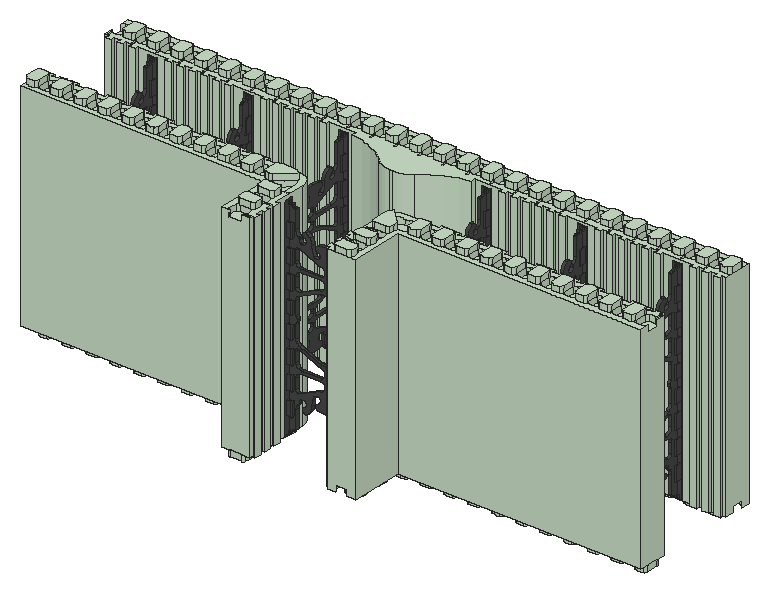
Revit family (continued)
Definition of nested family "NUDURA Diamond Pattern"
  Lines and regions (in)
    model lines
      curve 44: line (3.44206, -5.625, 14.07322) -> (3.81706, -5.625, 13.69822)
      curve 45: arc (3.81706, -5.625, 13.69822) -> (3.99384, -5.625, 13.625) -> (4.17062, -5.625, 13.69822) r 0.25
      curve 46: line (4.17062, -5.625, 13.69822) -> (4.54562, -5.625, 14.07322)
      curve 47: arc (4.54562, -5.625, 14.07322) -> (4.61884, -5.625, 14.25) -> (4.54562, -5.625, 14.42678) r 0.25
      curve 48: line (4.54562, -5.625, 14.42678) -> (4.17062, -5.625, 14.80178)
      curve 49: arc (3.69709, -5.625, 13.35858) -> (3.75567, -5.625, 13.5) -> (3.69709, -5.625, 13.64142) r 0.2
      curve 50: line (4.634, -5.625, 13.01517) -> (4.29059, -5.625, 13.35858)
      curve 51: arc (4.634, -5.625, 12.48484) -> (4.74384, -5.625, 12.75) -> (4.634, -5.625, 13.01517) r 0.375
      curve 52: line (4.29059, -5.625, 12.14142) -> (4.634, -5.625, 12.48484)
      curve 53: line (3.35367, -5.625, 12.48484) -> (3.69709, -5.625, 12.14142)
      curve 54: arc (3.35367, -5.625, 13.01517) -> (3.24384, -5.625, 12.75) -> (3.35367, -5.625, 12.48484) r 0.375
      curve 55: line (3.69709, -5.625, 13.35858) -> (3.35367, -5.625, 13.01517)
      curve 56: arc (4.17062, -5.625, 13.30178) -> (3.99384, -5.625, 13.375) -> (3.81706, -5.625, 13.30178) r 0.25
      curve 57: line (3.81706, -5.625, 13.30178) -> (3.44206, -5.625, 12.92678)
      curve 58: arc (3.44206, -5.625, 12.92678) -> (3.36884, -5.625, 12.75) -> (3.44206, -5.625, 12.57322) r 0.25
      curve 59: line (3.44206, -5.625, 12.57322) -> (3.81706, -5.625, 12.19822)
      curve 60: arc (3.81706, -5.625, 12.19822) -> (3.99384, -5.625, 12.125) -> (4.17062, -5.625, 12.19822) r 0.25
      curve 61: line (4.17062, -5.625, 12.19822) -> (4.54562, -5.625, 12.57322)
      curve 62: arc (4.54562, -5.625, 12.57322) -> (4.61884, -5.625, 12.75) -> (4.54562, -5.625, 12.92678) r 0.25
      curve 63: line (4.54562, -5.625, 12.92678) -> (4.17062, -5.625, 13.30178)
      curve 64: arc (3.69709, -5.625, 11.85858) -> (3.75567, -5.625, 12) -> (3.69709, -5.625, 12.14142) r 0.2
      curve 65: line (4.634, -5.625, 11.51517) -> (4.29059, -5.625, 11.85858)
      curve 66: arc (4.634, -5.625, 10.98484) -> (4.74384, -5.625, 11.25) -> (4.634, -5.625, 11.51517) r 0.375
      curve 67: line (4.29059, -5.625, 10.64142) -> (4.634, -5.625, 10.98484)
      curve 68: line (3.35367, -5.625, 10.98484) -> (3.69709, -5.625, 10.64142)
      curve 69: arc (3.35367, -5.625, 11.51517) -> (3.24384, -5.625, 11.25) -> (3.35367, -5.625, 10.98484) r 0.375
      curve 70: line (3.69709, -5.625, 11.85858) -> (3.35367, -5.625, 11.51517)
      curve 71: arc (4.17062, -5.625, 11.80178) -> (3.99384, -5.625, 11.875) -> (3.81706, -5.625, 11.80178) r 0.25
      curve 72: line (3.81706, -5.625, 11.80178) -> (3.44206, -5.625, 11.42678)
      curve 73: arc (3.44206, -5.625, 11.42678) -> (3.36884, -5.625, 11.25) -> (3.44206, -5.625, 11.07322) r 0.25
      curve 74: line (3.44206, -5.625, 11.07322) -> (3.81706, -5.625, 10.69822)
      curve 75: arc (3.81706, -5.625, 10.69822) -> (3.99384, -5.625, 10.625) -> (4.17062, -5.625, 10.69822) r 0.25
      curve 76: line (4.17062, -5.625, 10.69822) -> (4.54562, -5.625, 11.07322)
      curve 77: arc (4.54562, -5.625, 11.07322) -> (4.61884, -5.625, 11.25) -> (4.54562, -5.625, 11.42678) r 0.25
      curve 78: line (4.54562, -5.625, 11.42678) -> (4.17062, -5.625, 11.80178)
      curve 79: arc (3.69709, -5.625, 10.35858) -> (3.75567, -5.625, 10.5) -> (3.69709, -5.625, 10.64142) r 0.2
      curve 80: line (4.634, -5.625, 10.01517) -> (4.29059, -5.625, 10.35858)
      curve 81: arc (4.634, -5.625, 9.48484) -> (4.74384, -5.625, 9.75) -> (4.634, -5.625, 10.01517) r 0.375
      curve 82: line (4.29059, -5.625, 9.14142) -> (4.634, -5.625, 9.48484)
      curve 83: line (3.35367, -5.625, 9.48484) -> (3.69709, -5.625, 9.14142)
      curve 84: arc (3.35367, -5.625, 10.01517) -> (3.24384, -5.625, 9.75) -> (3.35367, -5.625, 9.48484) r 0.375
      curve 85: line (3.69709, -5.625, 10.35858) -> (3.35367, -5.625, 10.01517)
      curve 86: arc (4.17062, -5.625, 10.30178) -> (3.99384, -5.625, 10.375) -> (3.81706, -5.625, 10.30178) r 0.25
      curve 87: line (3.81706, -5.625, 10.30178) -> (3.44206, -5.625, 9.92678)
      curve 88: arc (3.44206, -5.625, 9.92678) -> (3.36884, -5.625, 9.75) -> (3.44206, -5.625, 9.57322) r 0.25
      curve 89: line (3.44206, -5.625, 9.57322) -> (3.81706, -5.625, 9.19822)
      curve 90: arc (3.81706, -5.625, 9.19822) -> (3.99384, -5.625, 9.125) -> (4.17062, -5.625, 9.19822) r 0.25
      curve 91: line (4.17062, -5.625, 9.19822) -> (4.54562, -5.625, 9.57322)
      curve 92: arc (4.54562, -5.625, 9.57322) -> (4.61884, -5.625, 9.75) -> (4.54562, -5.625, 9.92678) r 0.25
      curve 93: line (4.54562, -5.625, 9.92678) -> (4.17062, -5.625, 10.30178)
      curve 94: arc (3.69709, -5.625, 8.85858) -> (3.75567, -5.625, 9) -> (3.69709, -5.625, 9.14142) r 0.2
      curve 95: line (4.634, -5.625, 8.51517) -> (4.29059, -5.625, 8.85858)
      curve 96: arc (4.634, -5.625, 7.98484) -> (4.74384, -5.625, 8.25) -> (4.634, -5.625, 8.51517) r 0.375
      curve 97: line (4.29059, -5.625, 7.64142) -> (4.634, -5.625, 7.98484)
      curve 98: line (3.35367, -5.625, 7.98484) -> (3.69709, -5.625, 7.64142)
      curve 99: arc (3.35367, -5.625, 8.51517) -> (3.24384, -5.625, 8.25) -> (3.35367, -5.625, 7.98484) r 0.375
      curve 100: line (3.69709, -5.625, 8.85858) -> (3.35367, -5.625, 8.51517)
      curve 101: arc (4.17062, -5.625, 8.80178) -> (3.99384, -5.625, 8.875) -> (3.81706, -5.625, 8.80178) r 0.25
      curve 102: line (3.81706, -5.625, 8.80178) -> (3.44206, -5.625, 8.42678)
      curve 103: arc (3.44206, -5.625, 8.42678) -> (3.36884, -5.625, 8.25) -> (3.44206, -5.625, 8.07322) r 0.25
      curve 104: line (3.44206, -5.625, 8.07322) -> (3.81706, -5.625, 7.69822)
      curve 105: arc (3.81706, -5.625, 7.69822) -> (3.99384, -5.625, 7.625) -> (4.17062, -5.625, 7.69822) r 0.25
      curve 106: line (4.17062, -5.625, 7.69822) -> (4.54562, -5.625, 8.07322)
      curve 107: arc (4.54562, -5.625, 8.07322) -> (4.61884, -5.625, 8.25) -> (4.54562, -5.625, 8.42678) r 0.25
      curve 108: line (4.54562, -5.625, 8.42678) -> (4.17062, -5.625, 8.80178)
      curve 109: arc (3.69709, -5.625, 7.35858) -> (3.75567, -5.625, 7.5) -> (3.69709, -5.625, 7.64142) r 0.2
      curve 110: line (4.634, -5.625, 7.01517) -> (4.29059, -5.625, 7.35858)
      curve 111: arc (4.634, -5.625, 6.48484) -> (4.74384, -5.625, 6.75) -> (4.634, -5.625, 7.01517) r 0.375
      curve 112: line (4.29059, -5.625, 6.14142) -> (4.634, -5.625, 6.48484)
      curve 113: line (3.35367, -5.625, 6.48484) -> (3.69709, -5.625, 6.14142)
      curve 114: arc (3.35367, -5.625, 7.01517) -> (3.24384, -5.625, 6.75) -> (3.35367, -5.625, 6.48484) r 0.375
      curve 115: line (3.69709, -5.625, 7.35858) -> (3.35367, -5.625, 7.01517)
      curve 116: arc (4.17062, -5.625, 7.30178) -> (3.99384, -5.625, 7.375) -> (3.81706, -5.625, 7.30178) r 0.25
      curve 117: line (3.81706, -5.625, 7.30178) -> (3.44206, -5.625, 6.92678)
      curve 118: arc (3.44206, -5.625, 6.92678) -> (3.36884, -5.625, 6.75) -> (3.44206, -5.625, 6.57322) r 0.25
      curve 119: line (3.44206, -5.625, 6.57322) -> (3.81706, -5.625, 6.19822)
      curve 120: arc (3.81706, -5.625, 6.19822) -> (3.99384, -5.625, 6.125) -> (4.17062, -5.625, 6.19822) r 0.25
      curve 121: line (4.17062, -5.625, 6.19822) -> (4.54562, -5.625, 6.57322)
      curve 122: arc (4.54562, -5.625, 6.57322) -> (4.61884, -5.625, 6.75) -> (4.54562, -5.625, 6.92678) r 0.25
      curve 123: line (4.54562, -5.625, 6.92678) -> (4.17062, -5.625, 7.30178)
      curve 124: arc (3.69709, -5.625, 5.85858) -> (3.75567, -5.625, 6) -> (3.69709, -5.625, 6.14142) r 0.2
      curve 125: line (4.634, -5.625, 5.51517) -> (4.29059, -5.625, 5.85858)
      curve 126: arc (4.634, -5.625, 4.98484) -> (4.74384, -5.625, 5.25) -> (4.634, -5.625, 5.51517) r 0.375
      curve 127: line (4.29059, -5.625, 4.64142) -> (4.634, -5.625, 4.98484)
      curve 128: line (3.35367, -5.625, 4.98484) -> (3.69709, -5.625, 4.64142)
      curve 129: arc (3.35367, -5.625, 5.51517) -> (3.24384, -5.625, 5.25) -> (3.35367, -5.625, 4.98484) r 0.375
      curve 130: line (3.69709, -5.625, 5.85858) -> (3.35367, -5.625, 5.51517)
      curve 131: arc (4.17062, -5.625, 5.80178) -> (3.99384, -5.625, 5.875) -> (3.81706, -5.625, 5.80178) r 0.25
      curve 132: line (3.81706, -5.625, 5.80178) -> (3.44206, -5.625, 5.42678)
      curve 133: arc (3.44206, -5.625, 5.42678) -> (3.36884, -5.625, 5.25) -> (3.44206, -5.625, 5.07322) r 0.25
      curve 134: line (3.44206, -5.625, 5.07322) -> (3.81706, -5.625, 4.69822)
      curve 135: arc (3.81706, -5.625, 4.69822) -> (3.99384, -5.625, 4.625) -> (4.17062, -5.625, 4.69822) r 0.25
      curve 136: line (4.17062, -5.625, 4.69822) -> (4.54562, -5.625, 5.07322)
      curve 137: arc (4.54562, -5.625, 5.07322) -> (4.61884, -5.625, 5.25) -> (4.54562, -5.625, 5.42678) r 0.25
      curve 138: line (4.54562, -5.625, 5.42678) -> (4.17062, -5.625, 5.80178)
      curve 139: arc (3.69709, -5.625, 4.35858) -> (3.75567, -5.625, 4.5) -> (3.69709, -5.625, 4.64142) r 0.2
      curve 140: line (4.634, -5.625, 4.01517) -> (4.29059, -5.625, 4.35858)
      curve 141: arc (4.634, -5.625, 3.48484) -> (4.74384, -5.625, 3.75) -> (4.634, -5.625, 4.01517) r 0.375
      curve 142: line (4.29059, -5.625, 3.14142) -> (4.634, -5.625, 3.48484)
      curve 143: line (3.35367, -5.625, 3.48484) -> (3.69709, -5.625, 3.14142)
      curve 144: arc (3.35367, -5.625, 4.01517) -> (3.24384, -5.625, 3.75) -> (3.35367, -5.625, 3.48484) r 0.375
      curve 145: line (3.69709, -5.625, 4.35858) -> (3.35367, -5.625, 4.01517)
      curve 146: arc (4.17062, -5.625, 4.30178) -> (3.99384, -5.625, 4.375) -> (3.81706, -5.625, 4.30178) r 0.25
      curve 147: line (3.81706, -5.625, 4.30178) -> (3.44206, -5.625, 3.92678)
      curve 148: arc (3.44206, -5.625, 3.92678) -> (3.36884, -5.625, 3.75) -> (3.44206, -5.625, 3.57322) r 0.25
      curve 149: line (3.44206, -5.625, 3.57322) -> (3.81706, -5.625, 3.19822)
      curve 150: arc (3.81706, -5.625, 3.19822) -> (3.99384, -5.625, 3.125) -> (4.17062, -5.625, 3.19822) r 0.25
      curve 151: line (4.17062, -5.625, 3.19822) -> (4.54562, -5.625, 3.57322)
      curve 152: arc (4.54562, -5.625, 3.57322) -> (4.61884, -5.625, 3.75) -> (4.54562, -5.625, 3.92678) r 0.25
      curve 153: line (4.54562, -5.625, 3.92678) -> (4.17062, -5.625, 4.30178)
      curve 154: arc (3.69709, -5.625, 2.85858) -> (3.75567, -5.625, 3) -> (3.69709, -5.625, 3.14142) r 0.2
      curve 155: line (4.634, -5.625, 2.51517) -> (4.29059, -5.625, 2.85858)
      curve 156: arc (4.634, -5.625, 1.98484) -> (4.74384, -5.625, 2.25) -> (4.634, -5.625, 2.51517) r 0.375
      curve 157: line (4.29059, -5.625, 1.64142) -> (4.634, -5.625, 1.98484)
      curve 158: line (3.35367, -5.625, 1.98484) -> (3.69709, -5.625, 1.64142)
      curve 159: arc (3.35367, -5.625, 2.51517) -> (3.24384, -5.625, 2.25) -> (3.35367, -5.625, 1.98484) r 0.375
      curve 160: line (3.69709, -5.625, 2.85858) -> (3.35367, -5.625, 2.51517)
      curve 161: arc (4.17062, -5.625, 2.80178) -> (3.99384, -5.625, 2.875) -> (3.81706, -5.625, 2.80178) r 0.25
      curve 162: line (3.81706, -5.625, 2.80178) -> (3.44206, -5.625, 2.42678)
      curve 163: arc (3.44206, -5.625, 2.42678) -> (3.36884, -5.625, 2.25) -> (3.44206, -5.625, 2.07322) r 0.25
      curve 164: line (3.44206, -5.625, 2.07322) -> (3.81706, -5.625, 1.69822)
      curve 165: arc (3.81706, -5.625, 1.69822) -> (3.99384, -5.625, 1.625) -> (4.17062, -5.625, 1.69822) r 0.25
      curve 166: line (4.17062, -5.625, 1.69822) -> (4.54562, -5.625, 2.07322)
      curve 167: arc (4.54562, -5.625, 2.07322) -> (4.61884, -5.625, 2.25) -> (4.54562, -5.625, 2.42678) r 0.25
      curve 168: line (4.54562, -5.625, 2.42678) -> (4.17062, -5.625, 2.80178)
      curve 169: arc (3.69709, -5.625, 1.35858) -> (3.75567, -5.625, 1.5) -> (3.69709, -5.625, 1.64142) r 0.2
      curve 170: line (3.69709, -5.625, 1.35858) -> (3.35367, -5.625, 1.01517)
      curve 171: arc (3.35367, -5.625, 1.01517) -> (3.24384, -5.625, 0.75) -> (3.35367, -5.625, 0.48484) r 0.375
      curve 172: line (3.35367, -5.625, 0.48484) -> (3.72867, -5.625, 0.10984)
      curve 173: arc (3.72867, -5.625, 0.10984) -> (3.99384, -5.625, 0) -> (4.259, -5.625, 0.10984) r 0.375
      curve 174: line (4.259, -5.625, 0.10984) -> (4.634, -5.625, 0.48484)
      curve 175: arc (4.634, -5.625, 0.48484) -> (4.74384, -5.625, 0.75) -> (4.634, -5.625, 1.01517) r 0.375
      curve 176: line (4.634, -5.625, 1.01517) -> (4.29059, -5.625, 1.35858)
      curve 177: arc (4.29059, -5.625, 1.64142) -> (4.23201, -5.625, 1.5) -> (4.29059, -5.625, 1.35858) r 0.2
      curve 178: arc (4.17062, -5.625, 1.30178) -> (3.99384, -5.625, 1.375) -> (3.81706, -5.625, 1.30178) r 0.25
      curve 179: line (4.54562, -5.625, 0.92678) -> (4.17062, -5.625, 1.30178)
      curve 180: arc (4.54562, -5.625, 0.57322) -> (4.61884, -5.625, 0.75) -> (4.54562, -5.625, 0.92678) r 0.25
      curve 181: line (4.17062, -5.625, 0.19822) -> (4.54562, -5.625, 0.57322)
      curve 182: arc (3.81706, -5.625, 0.19822) -> (3.99384, -5.625, 0.125) -> (4.17062, -5.625, 0.19822) r 0.25
      curve 183: line (3.44206, -5.625, 0.57322) -> (3.81706, -5.625, 0.19822)
      curve 184: arc (3.44206, -5.625, 0.92678) -> (3.36884, -5.625, 0.75) -> (3.44206, -5.625, 0.57322) r 0.25
      curve 185: line (3.81706, -5.625, 1.30178) -> (3.44206, -5.625, 0.92678)
      curve 186: arc (4.29059, -5.625, 3.14142) -> (4.23201, -5.625, 3) -> (4.29059, -5.625, 2.85858) r 0.2
      curve 187: arc (4.29059, -5.625, 4.64142) -> (4.23201, -5.625, 4.5) -> (4.29059, -5.625, 4.35858) r 0.2
      curve 188: arc (4.29059, -5.625, 6.14142) -> (4.23201, -5.625, 6) -> (4.29059, -5.625, 5.85858) r 0.2
      curve 189: arc (4.29059, -5.625, 7.64142) -> (4.23201, -5.625, 7.5) -> (4.29059, -5.625, 7.35858) r 0.2
      curve 190: arc (4.29059, -5.625, 9.14142) -> (4.23201, -5.625, 9) -> (4.29059, -5.625, 8.85858) r 0.2
      curve 191: arc (4.29059, -5.625, 10.64142) -> (4.23201, -5.625, 10.5) -> (4.29059, -5.625, 10.35858) r 0.2
      curve 192: arc (4.29059, -5.625, 12.14142) -> (4.23201, -5.625, 12) -> (4.29059, -5.625, 11.85858) r 0.2
      curve 193: arc (4.29059, -5.625, 13.64142) -> (4.23201, -5.625, 13.5) -> (4.29059, -5.625, 13.35858) r 0.2
      curve 194: arc (4.29059, -5.625, 15.14142) -> (4.23201, -5.625, 15) -> (4.29059, -5.625, 14.85858) r 0.2
      curve 195: arc (4.29059, -5.625, 16.64142) -> (4.23201, -5.625, 16.5) -> (4.29059, -5.625, 16.35858) r 0.2
Definition of nested family "NUDURA Diamond Pattern Missing Left Line"
  Reference planes (in)
    plane 1 "Center (Front/Back)": y = 0
    plane 2: z = 0
    plane 3 "Center (Left/Right)": x = 0
    plane 4: z = 18
  Lines and regions (in)
    model lines
      curve 1: line (8, -5.625, 18) -> (8, -5.625, 0)
      curve 2: line (6, -5.625, 18) -> (6, -5.625, 0)
      curve 3: line (3.35367, -5.625, 16.98484) -> (3.69709, -5.625, 16.64142)
      curve 4: arc (3.35367, -5.625, 17.51517) -> (3.24384, -5.625, 17.25) -> (3.35367, -5.625, 16.98484) r 0.375
      curve 5: line (3.72867, -5.625, 17.89017) -> (3.35367, -5.625, 17.51517)
      curve 6: arc (4.259, -5.625, 17.89017) -> (3.99384, -5.625, 18) -> (3.72867, -5.625, 17.89017) r 0.375
      curve 7: line (4.634, -5.625, 17.51517) -> (4.259, -5.625, 17.89017)
      curve 8: arc (4.634, -5.625, 16.98484) -> (4.74384, -5.625, 17.25) -> (4.634, -5.625, 17.51517) r 0.375
      curve 9: line (4.29059, -5.625, 16.64142) -> (4.634, -5.625, 16.98484)
      curve 10: arc (4.17062, -5.625, 17.80178) -> (3.99384, -5.625, 17.875) -> (3.81706, -5.625, 17.80178) r 0.25
      curve 11: line (4.54562, -5.625, 17.42678) -> (4.17062, -5.625, 17.80178)
      curve 12: arc (4.54562, -5.625, 17.07322) -> (4.61884, -5.625, 17.25) -> (4.54562, -5.625, 17.42678) r 0.25
      curve 13: line (4.17062, -5.625, 16.69822) -> (4.54562, -5.625, 17.07322)
      curve 14: arc (3.81706, -5.625, 16.69822) -> (3.99384, -5.625, 16.625) -> (4.17062, -5.625, 16.69822) r 0.25
      curve 15: line (3.44206, -5.625, 17.07322) -> (3.81706, -5.625, 16.69822)
      curve 16: arc (3.44206, -5.625, 17.42678) -> (3.36884, -5.625, 17.25) -> (3.44206, -5.625, 17.07322) r 0.25
      curve 17: line (3.81706, -5.625, 17.80178) -> (3.44206, -5.625, 17.42678)
      curve 18: arc (3.69709, -5.625, 16.35858) -> (3.75567, -5.625, 16.5) -> (3.69709, -5.625, 16.64142) r 0.2
      curve 19: line (4.634, -5.625, 16.01517) -> (4.29059, -5.625, 16.35858)
      curve 20: arc (4.634, -5.625, 15.48484) -> (4.74384, -5.625, 15.75) -> (4.634, -5.625, 16.01517) r 0.375
      curve 21: line (4.29059, -5.625, 15.14142) -> (4.634, -5.625, 15.48484)
      curve 22: line (3.35367, -5.625, 15.48484) -> (3.69709, -5.625, 15.14142)
      curve 23: arc (3.35367, -5.625, 16.01517) -> (3.24384, -5.625, 15.75) -> (3.35367, -5.625, 15.48484) r 0.375
      curve 24: line (3.69709, -5.625, 16.35858) -> (3.35367, -5.625, 16.01517)
      curve 25: arc (4.17062, -5.625, 16.30178) -> (3.99384, -5.625, 16.375) -> (3.81706, -5.625, 16.30178) r 0.25
      curve 26: line (3.81706, -5.625, 16.30178) -> (3.44206, -5.625, 15.92678)
      curve 27: arc (3.44206, -5.625, 15.92678) -> (3.36884, -5.625, 15.75) -> (3.44206, -5.625, 15.57322) r 0.25
      curve 28: line (3.44206, -5.625, 15.57322) -> (3.81706, -5.625, 15.19822)
      curve 29: arc (3.81706, -5.625, 15.19822) -> (3.99384, -5.625, 15.125) -> (4.17062, -5.625, 15.19822) r 0.25
      curve 30: line (4.17062, -5.625, 15.19822) -> (4.54562, -5.625, 15.57322)
      curve 31: arc (4.54562, -5.625, 15.57322) -> (4.61884, -5.625, 15.75) -> (4.54562, -5.625, 15.92678) r 0.25
      curve 32: line (4.54562, -5.625, 15.92678) -> (4.17062, -5.625, 16.30178)
      curve 33: arc (3.69709, -5.625, 14.85858) -> (3.75567, -5.625, 15) -> (3.69709, -5.625, 15.14142) r 0.2
      curve 34: line (4.634, -5.625, 14.51517) -> (4.29059, -5.625, 14.85858)
      curve 35: arc (4.634, -5.625, 13.98484) -> (4.74384, -5.625, 14.25) -> (4.634, -5.625, 14.51517) r 0.375
      curve 36: line (4.29059, -5.625, 13.64142) -> (4.634, -5.625, 13.98484)
      curve 37: line (3.35367, -5.625, 13.98484) -> (3.69709, -5.625, 13.64142)
      curve 38: arc (3.35367, -5.625, 14.51517) -> (3.24384, -5.625, 14.25) -> (3.35367, -5.625, 13.98484) r 0.375
      curve 39: line (3.69709, -5.625, 14.85858) -> (3.35367, -5.625, 14.51517)
      curve 40: arc (4.17062, -5.625, 14.80178) -> (3.99384, -5.625, 14.875) -> (3.81706, -5.625, 14.80178) r 0.25
      curve 41: line (3.81706, -5.625, 14.80178) -> (3.44206, -5.625, 14.42678)
      curve 42: arc (3.44206, -5.625, 14.42678) -> (3.36884, -5.625, 14.25) -> (3.44206, -5.625, 14.07322) r 0.25
      curve 43: line (3.44206, -5.625, 14.07322) -> (3.81706, -5.625, 13.69822)
      curve 44: arc (3.81706, -5.625, 13.69822) -> (3.99384, -5.625, 13.625) -> (4.17062, -5.625, 13.69822) r 0.25
      curve 45: line (4.17062, -5.625, 13.69822) -> (4.54562, -5.625, 14.07322)
      curve 46: arc (4.54562, -5.625, 14.07322) -> (4.61884, -5.625, 14.25) -> (4.54562, -5.625, 14.42678) r 0.25
      curve 47: line (4.54562, -5.625, 14.42678) -> (4.17062, -5.625, 14.80178)
      curve 48: arc (3.69709, -5.625, 13.35858) -> (3.75567, -5.625, 13.5) -> (3.69709, -5.625, 13.64142) r 0.2
      curve 49: line (4.634, -5.625, 13.01517) -> (4.29059, -5.625, 13.35858)
      curve 50: arc (4.634, -5.625, 12.48484) -> (4.74384, -5.625, 12.75) -> (4.634, -5.625, 13.01517) r 0.375
      curve 51: line (4.29059, -5.625, 12.14142) -> (4.634, -5.625, 12.48484)
      curve 52: line (3.35367, -5.625, 12.48484) -> (3.69709, -5.625, 12.14142)
      curve 53: arc (3.35367, -5.625, 13.01517) -> (3.24384, -5.625, 12.75) -> (3.35367, -5.625, 12.48484) r 0.375
      curve 54: line (3.69709, -5.625, 13.35858) -> (3.35367, -5.625, 13.01517)
      curve 55: arc (4.17062, -5.625, 13.30178) -> (3.99384, -5.625, 13.375) -> (3.81706, -5.625, 13.30178) r 0.25
      curve 56: line (3.81706, -5.625, 13.30178) -> (3.44206, -5.625, 12.92678)
      curve 57: arc (3.44206, -5.625, 12.92678) -> (3.36884, -5.625, 12.75) -> (3.44206, -5.625, 12.57322) r 0.25
      curve 58: line (3.44206, -5.625, 12.57322) -> (3.81706, -5.625, 12.19822)
      curve 59: arc (3.81706, -5.625, 12.19822) -> (3.99384, -5.625, 12.125) -> (4.17062, -5.625, 12.19822) r 0.25
      curve 60: line (4.17062, -5.625, 12.19822) -> (4.54562, -5.625, 12.57322)
      curve 61: arc (4.54562, -5.625, 12.57322) -> (4.61884, -5.625, 12.75) -> (4.54562, -5.625, 12.92678) r 0.25
      curve 62: line (4.54562, -5.625, 12.92678) -> (4.17062, -5.625, 13.30178)
      curve 63: arc (3.69709, -5.625, 11.85858) -> (3.75567, -5.625, 12) -> (3.69709, -5.625, 12.14142) r 0.2
      curve 64: line (4.634, -5.625, 11.51517) -> (4.29059, -5.625, 11.85858)
      curve 65: arc (4.634, -5.625, 10.98484) -> (4.74384, -5.625, 11.25) -> (4.634, -5.625, 11.51517) r 0.375
      curve 66: line (4.29059, -5.625, 10.64142) -> (4.634, -5.625, 10.98484)
      curve 67: line (3.35367, -5.625, 10.98484) -> (3.69709, -5.625, 10.64142)
      curve 68: arc (3.35367, -5.625, 11.51517) -> (3.24384, -5.625, 11.25) -> (3.35367, -5.625, 10.98484) r 0.375
      curve 69: line (3.69709, -5.625, 11.85858) -> (3.35367, -5.625, 11.51517)
      curve 70: arc (4.17062, -5.625, 11.80178) -> (3.99384, -5.625, 11.875) -> (3.81706, -5.625, 11.80178) r 0.25
      curve 71: line (3.81706, -5.625, 11.80178) -> (3.44206, -5.625, 11.42678)
      curve 72: arc (3.44206, -5.625, 11.42678) -> (3.36884, -5.625, 11.25) -> (3.44206, -5.625, 11.07322) r 0.25
      curve 73: line (3.44206, -5.625, 11.07322) -> (3.81706, -5.625, 10.69822)
      curve 74: arc (3.81706, -5.625, 10.69822) -> (3.99384, -5.625, 10.625) -> (4.17062, -5.625, 10.69822) r 0.25
      curve 75: line (4.17062, -5.625, 10.69822) -> (4.54562, -5.625, 11.07322)
      curve 76: arc (4.54562, -5.625, 11.07322) -> (4.61884, -5.625, 11.25) -> (4.54562, -5.625, 11.42678) r 0.25
      curve 77: line (4.54562, -5.625, 11.42678) -> (4.17062, -5.625, 11.80178)
      curve 78: arc (3.69709, -5.625, 10.35858) -> (3.75567, -5.625, 10.5) -> (3.69709, -5.625, 10.64142) r 0.2
      curve 79: line (4.634, -5.625, 10.01517) -> (4.29059, -5.625, 10.35858)
      curve 80: arc (4.634, -5.625, 9.48484) -> (4.74384, -5.625, 9.75) -> (4.634, -5.625, 10.01517) r 0.375
      curve 81: line (4.29059, -5.625, 9.14142) -> (4.634, -5.625, 9.48484)
      curve 82: line (3.35367, -5.625, 9.48484) -> (3.69709, -5.625, 9.14142)
      curve 83: arc (3.35367, -5.625, 10.01517) -> (3.24384, -5.625, 9.75) -> (3.35367, -5.625, 9.48484) r 0.375
      curve 84: line (3.69709, -5.625, 10.35858) -> (3.35367, -5.625, 10.01517)
      curve 85: arc (4.17062, -5.625, 10.30178) -> (3.99384, -5.625, 10.375) -> (3.81706, -5.625, 10.30178) r 0.25
      curve 86: line (3.81706, -5.625, 10.30178) -> (3.44206, -5.625, 9.92678)
      curve 87: arc (3.44206, -5.625, 9.92678) -> (3.36884, -5.625, 9.75) -> (3.44206, -5.625, 9.57322) r 0.25
      curve 88: line (3.44206, -5.625, 9.57322) -> (3.81706, -5.625, 9.19822)
      curve 89: arc (3.81706, -5.625, 9.19822) -> (3.99384, -5.625, 9.125) -> (4.17062, -5.625, 9.19822) r 0.25
      curve 90: line (4.17062, -5.625, 9.19822) -> (4.54562, -5.625, 9.57322)
      curve 91: arc (4.54562, -5.625, 9.57322) -> (4.61884, -5.625, 9.75) -> (4.54562, -5.625, 9.92678) r 0.25
      curve 92: line (4.54562, -5.625, 9.92678) -> (4.17062, -5.625, 10.30178)
      curve 93: arc (3.69709, -5.625, 8.85858) -> (3.75567, -5.625, 9) -> (3.69709, -5.625, 9.14142) r 0.2
      curve 94: line (4.634, -5.625, 8.51517) -> (4.29059, -5.625, 8.85858)
      curve 95: arc (4.634, -5.625, 7.98484) -> (4.74384, -5.625, 8.25) -> (4.634, -5.625, 8.51517) r 0.375
      curve 96: line (4.29059, -5.625, 7.64142) -> (4.634, -5.625, 7.98484)
      curve 97: line (3.35367, -5.625, 7.98484) -> (3.69709, -5.625, 7.64142)
      curve 98: arc (3.35367, -5.625, 8.51517) -> (3.24384, -5.625, 8.25) -> (3.35367, -5.625, 7.98484) r 0.375
      curve 99: line (3.69709, -5.625, 8.85858) -> (3.35367, -5.625, 8.51517)
      curve 100: arc (4.17062, -5.625, 8.80178) -> (3.99384, -5.625, 8.875) -> (3.81706, -5.625, 8.80178) r 0.25
      curve 101: line (3.81706, -5.625, 8.80178) -> (3.44206, -5.625, 8.42678)
      curve 102: arc (3.44206, -5.625, 8.42678) -> (3.36884, -5.625, 8.25) -> (3.44206, -5.625, 8.07322) r 0.25
      curve 103: line (3.44206, -5.625, 8.07322) -> (3.81706, -5.625, 7.69822)
      curve 104: arc (3.81706, -5.625, 7.69822) -> (3.99384, -5.625, 7.625) -> (4.17062, -5.625, 7.69822) r 0.25
      curve 105: line (4.17062, -5.625, 7.69822) -> (4.54562, -5.625, 8.07322)
      curve 106: arc (4.54562, -5.625, 8.07322) -> (4.61884, -5.625, 8.25) -> (4.54562, -5.625, 8.42678) r 0.25
      curve 107: line (4.54562, -5.625, 8.42678) -> (4.17062, -5.625, 8.80178)
      curve 108: arc (3.69709, -5.625, 7.35858) -> (3.75567, -5.625, 7.5) -> (3.69709, -5.625, 7.64142) r 0.2
      curve 109: line (4.634, -5.625, 7.01517) -> (4.29059, -5.625, 7.35858)
      curve 110: arc (4.634, -5.625, 6.48484) -> (4.74384, -5.625, 6.75) -> (4.634, -5.625, 7.01517) r 0.375
      curve 111: line (4.29059, -5.625, 6.14142) -> (4.634, -5.625, 6.48484)
      curve 112: line (3.35367, -5.625, 6.48484) -> (3.69709, -5.625, 6.14142)
      curve 113: arc (3.35367, -5.625, 7.01517) -> (3.24384, -5.625, 6.75) -> (3.35367, -5.625, 6.48484) r 0.375
      curve 114: line (3.69709, -5.625, 7.35858) -> (3.35367, -5.625, 7.01517)
      curve 115: arc (4.17062, -5.625, 7.30178) -> (3.99384, -5.625, 7.375) -> (3.81706, -5.625, 7.30178) r 0.25
      curve 116: line (3.81706, -5.625, 7.30178) -> (3.44206, -5.625, 6.92678)
      curve 117: arc (3.44206, -5.625, 6.92678) -> (3.36884, -5.625, 6.75) -> (3.44206, -5.625, 6.57322) r 0.25
      curve 118: line (3.44206, -5.625, 6.57322) -> (3.81706, -5.625, 6.19822)
      curve 119: arc (3.81706, -5.625, 6.19822) -> (3.99384, -5.625, 6.125) -> (4.17062, -5.625, 6.19822) r 0.25
      curve 120: line (4.17062, -5.625, 6.19822) -> (4.54562, -5.625, 6.57322)
      curve 121: arc (4.54562, -5.625, 6.57322) -> (4.61884, -5.625, 6.75) -> (4.54562, -5.625, 6.92678) r 0.25
      curve 122: line (4.54562, -5.625, 6.92678) -> (4.17062, -5.625, 7.30178)
      curve 123: arc (3.69709, -5.625, 5.85858) -> (3.75567, -5.625, 6) -> (3.69709, -5.625, 6.14142) r 0.2
      curve 124: line (4.634, -5.625, 5.51517) -> (4.29059, -5.625, 5.85858)
      curve 125: arc (4.634, -5.625, 4.98484) -> (4.74384, -5.625, 5.25) -> (4.634, -5.625, 5.51517) r 0.375
      curve 126: line (4.29059, -5.625, 4.64142) -> (4.634, -5.625, 4.98484)
      curve 127: line (3.35367, -5.625, 4.98484) -> (3.69709, -5.625, 4.64142)
      curve 128: arc (3.35367, -5.625, 5.51517) -> (3.24384, -5.625, 5.25) -> (3.35367, -5.625, 4.98484) r 0.375
      curve 129: line (3.69709, -5.625, 5.85858) -> (3.35367, -5.625, 5.51517)
      curve 130: arc (4.17062, -5.625, 5.80178) -> (3.99384, -5.625, 5.875) -> (3.81706, -5.625, 5.80178) r 0.25
      curve 131: line (3.81706, -5.625, 5.80178) -> (3.44206, -5.625, 5.42678)
      curve 132: arc (3.44206, -5.625, 5.42678) -> (3.36884, -5.625, 5.25) -> (3.44206, -5.625, 5.07322) r 0.25
      curve 133: line (3.44206, -5.625, 5.07322) -> (3.81706, -5.625, 4.69822)
      curve 134: arc (3.81706, -5.625, 4.69822) -> (3.99384, -5.625, 4.625) -> (4.17062, -5.625, 4.69822) r 0.25
      curve 135: line (4.17062, -5.625, 4.69822) -> (4.54562, -5.625, 5.07322)
      curve 136: arc (4.54562, -5.625, 5.07322) -> (4.61884, -5.625, 5.25) -> (4.54562, -5.625, 5.42678) r 0.25
      curve 137: line (4.54562, -5.625, 5.42678) -> (4.17062, -5.625, 5.80178)
      curve 138: arc (3.69709, -5.625, 4.35858) -> (3.75567, -5.625, 4.5) -> (3.69709, -5.625, 4.64142) r 0.2
      curve 139: line (4.634, -5.625, 4.01517) -> (4.29059, -5.625, 4.35858)
      curve 140: arc (4.634, -5.625, 3.48484) -> (4.74384, -5.625, 3.75) -> (4.634, -5.625, 4.01517) r 0.375
      curve 141: line (4.29059, -5.625, 3.14142) -> (4.634, -5.625, 3.48484)
      curve 142: line (3.35367, -5.625, 3.48484) -> (3.69709, -5.625, 3.14142)
      curve 143: arc (3.35367, -5.625, 4.01517) -> (3.24384, -5.625, 3.75) -> (3.35367, -5.625, 3.48484) r 0.375
      curve 144: line (3.69709, -5.625, 4.35858) -> (3.35367, -5.625, 4.01517)
      curve 145: arc (4.17062, -5.625, 4.30178) -> (3.99384, -5.625, 4.375) -> (3.81706, -5.625, 4.30178) r 0.25
      curve 146: line (3.81706, -5.625, 4.30178) -> (3.44206, -5.625, 3.92678)
      curve 147: arc (3.44206, -5.625, 3.92678) -> (3.36884, -5.625, 3.75) -> (3.44206, -5.625, 3.57322) r 0.25
      curve 148: line (3.44206, -5.625, 3.57322) -> (3.81706, -5.625, 3.19822)
      curve 149: arc (3.81706, -5.625, 3.19822) -> (3.99384, -5.625, 3.125) -> (4.17062, -5.625, 3.19822) r 0.25
      curve 150: line (4.17062, -5.625, 3.19822) -> (4.54562, -5.625, 3.57322)
      curve 151: arc (4.54562, -5.625, 3.57322) -> (4.61884, -5.625, 3.75) -> (4.54562, -5.625, 3.92678) r 0.25
      curve 152: line (4.54562, -5.625, 3.92678) -> (4.17062, -5.625, 4.30178)
      curve 153: arc (3.69709, -5.625, 2.85858) -> (3.75567, -5.625, 3) -> (3.69709, -5.625, 3.14142) r 0.2
      curve 154: line (4.634, -5.625, 2.51517) -> (4.29059, -5.625, 2.85858)
      curve 155: arc (4.634, -5.625, 1.98484) -> (4.74384, -5.625, 2.25) -> (4.634, -5.625, 2.51517) r 0.375
      curve 156: line (4.29059, -5.625, 1.64142) -> (4.634, -5.625, 1.98484)
      curve 157: line (3.35367, -5.625, 1.98484) -> (3.69709, -5.625, 1.64142)
      curve 158: arc (3.35367, -5.625, 2.51517) -> (3.24384, -5.625, 2.25) -> (3.35367, -5.625, 1.98484) r 0.375
      curve 159: line (3.69709, -5.625, 2.85858) -> (3.35367, -5.625, 2.51517)
      curve 160: arc (4.17062, -5.625, 2.80178) -> (3.99384, -5.625, 2.875) -> (3.81706, -5.625, 2.80178) r 0.25
      curve 161: line (3.81706, -5.625, 2.80178) -> (3.44206, -5.625, 2.42678)
      curve 162: arc (3.44206, -5.625, 2.42678) -> (3.36884, -5.625, 2.25) -> (3.44206, -5.625, 2.07322) r 0.25
      curve 163: line (3.44206, -5.625, 2.07322) -> (3.81706, -5.625, 1.69822)
      curve 164: arc (3.81706, -5.625, 1.69822) -> (3.99384, -5.625, 1.625) -> (4.17062, -5.625, 1.69822) r 0.25
      curve 165: line (4.17062, -5.625, 1.69822) -> (4.54562, -5.625, 2.07322)
      curve 166: arc (4.54562, -5.625, 2.07322) -> (4.61884, -5.625, 2.25) -> (4.54562, -5.625, 2.42678) r 0.25
      curve 167: line (4.54562, -5.625, 2.42678) -> (4.17062, -5.625, 2.80178)
      curve 168: arc (3.69709, -5.625, 1.35858) -> (3.75567, -5.625, 1.5) -> (3.69709, -5.625, 1.64142) r 0.2
      curve 169: line (3.69709, -5.625, 1.35858) -> (3.35367, -5.625, 1.01517)
      curve 170: arc (3.35367, -5.625, 1.01517) -> (3.24384, -5.625, 0.75) -> (3.35367, -5.625, 0.48484) r 0.375
      curve 171: line (3.35367, -5.625, 0.48484) -> (3.72867, -5.625, 0.10984)
      curve 172: arc (3.72867, -5.625, 0.10984) -> (3.99384, -5.625, 0) -> (4.259, -5.625, 0.10984) r 0.375
      curve 173: line (4.259, -5.625, 0.10984) -> (4.634, -5.625, 0.48484)
      curve 174: arc (4.634, -5.625, 0.48484) -> (4.74384, -5.625, 0.75) -> (4.634, -5.625, 1.01517) r 0.375
      curve 175: line (4.634, -5.625, 1.01517) -> (4.29059, -5.625, 1.35858)
      curve 176: arc (4.29059, -5.625, 1.64142) -> (4.23201, -5.625, 1.5) -> (4.29059, -5.625, 1.35858) r 0.2
      curve 177: arc (4.17062, -5.625, 1.30178) -> (3.99384, -5.625, 1.375) -> (3.81706, -5.625, 1.30178) r 0.25
      curve 178: line (4.54562, -5.625, 0.92678) -> (4.17062, -5.625, 1.30178)
      curve 179: arc (4.54562, -5.625, 0.57322) -> (4.61884, -5.625, 0.75) -> (4.54562, -5.625, 0.92678) r 0.25
      curve 180: line (4.17062, -5.625, 0.19822) -> (4.54562, -5.625, 0.57322)
      curve 181: arc (3.81706, -5.625, 0.19822) -> (3.99384, -5.625, 0.125) -> (4.17062, -5.625, 0.19822) r 0.25
      curve 182: line (3.44206, -5.625, 0.57322) -> (3.81706, -5.625, 0.19822)
      curve 183: arc (3.44206, -5.625, 0.92678) -> (3.36884, -5.625, 0.75) -> (3.44206, -5.625, 0.57322) r 0.25
      curve 184: line (3.81706, -5.625, 1.30178) -> (3.44206, -5.625, 0.92678)
      curve 185: arc (4.29059, -5.625, 3.14142) -> (4.23201, -5.625, 3) -> (4.29059, -5.625, 2.85858) r 0.2
      curve 186: arc (4.29059, -5.625, 4.64142) -> (4.23201, -5.625, 4.5) -> (4.29059, -5.625, 4.35858) r 0.2
      curve 187: arc (4.29059, -5.625, 6.14142) -> (4.23201, -5.625, 6) -> (4.29059, -5.625, 5.85858) r 0.2
      curve 188: arc (4.29059, -5.625, 7.64142) -> (4.23201, -5.625, 7.5) -> (4.29059, -5.625, 7.35858) r 0.2
      curve 189: arc (4.29059, -5.625, 9.14142) -> (4.23201, -5.625, 9) -> (4.29059, -5.625, 8.85858) r 0.2
      curve 190: arc (4.29059, -5.625, 10.64142) -> (4.23201, -5.625, 10.5) -> (4.29059, -5.625, 10.35858) r 0.2
      curve 191: arc (4.29059, -5.625, 12.14142) -> (4.23201, -5.625, 12) -> (4.29059, -5.625, 11.85858) r 0.2
      curve 192: arc (4.29059, -5.625, 13.64142) -> (4.23201, -5.625, 13.5) -> (4.29059, -5.625, 13.35858) r 0.2
      curve 193: arc (4.29059, -5.625, 15.14142) -> (4.23201, -5.625, 15) -> (4.29059, -5.625, 14.85858) r 0.2
      curve 194: arc (4.29059, -5.625, 16.64142) -> (4.23201, -5.625, 16.5) -> (4.29059, -5.625, 16.35858) r 0.2
